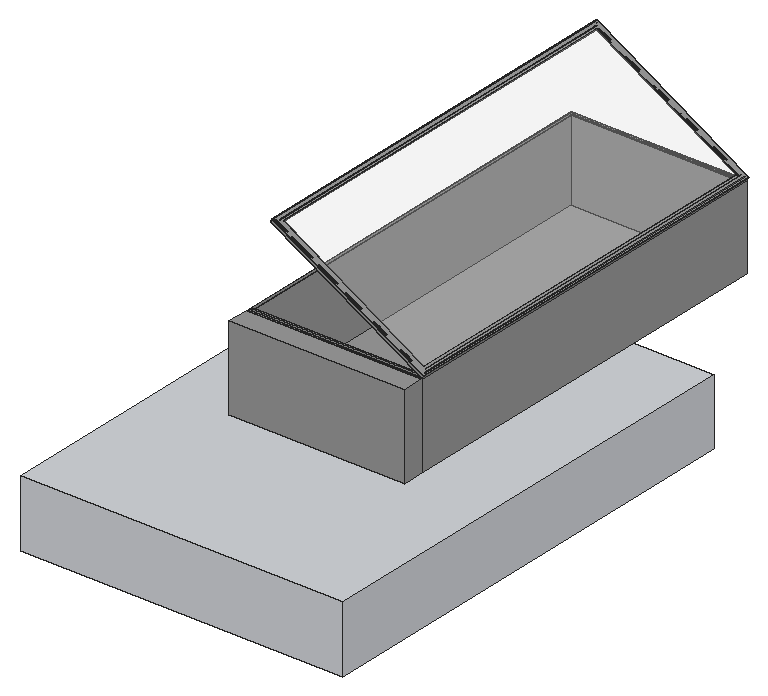
Revit family "Hager-Univers-IP55-D400-H1950-Cl.I-Steel_encl-NoHosted-DE-de", category Equipement électrique, Revit 2020
Family settings
  Hôte = Face
  Configuration du panneau = Deux colonnes, circuits au sein
  Cote de connecteur circulaire = Utiliser le diamètre
  Type d'élément = Tableau de raccordement
  Couper avec des vides une fois chargée = Non
  Partagée = Non
  Point de calcul de pièce = Non
Parameters (values of type "Bodenaufstellung IP55 B800 H1950 T400  - FR23V1")
  Width Control [instance] = if([EF000008 - Breite] > Min Width, [EF000008 - Breite], Min Width)  # 800 mm
  Commentaires du type = [HG000003 - Bereich]  # "Univers"
  Thickness Door [instance] = if([EF009171 - Materialstärke Tür/Deckel] > 3 mm, 3 mm, [EF009171 - Materialstärke Tür/Deckel])  # 1.5 mm
  Seal Frame Offset [instance] = 17 mm  # constant formula
  Plinth Visibility [instance] = [HG000027 - Sockelhöhe] > 0 mm  # yes
  Model = ""
  Min Width [instance] = 100 mm  # constant formula
  Min Height [instance] = 100 mm  # constant formula
  Min Depth [instance] = (2 * [EF009170 - Materialstärke Gehäuse]) + 1 mm  # 4 mm
  Internal Frame Depth [instance] = (Door System Depth * 0.5)  # 9 mm
  Height Control [instance] = if([EF000040 - Höhe] > Min Height, [EF000040 - Höhe], Min Height)  # 1950 mm
  HG000027 - Sockelhöhe = 100 mm
  HG000026 - Stehend auf dem Boden = yes
  HG000024 - Höhe des unteren Teils = 800 mm
  HG000023 - Gehäuse mit doppeltem Querschnitt = no
  HG000016 - 3D-Türsichtbarkeit [instance] = yes
  HG000015 - Sichtbarkeit der Türöffnung [instance] = no
  HG000014 - Tür rechts [instance] = yes
  HG000013 - Tür links [instance] = not([HG000014 - Tür rechts])  # no
  HG000012 - Türschwenkwinkel [instance] = 30.00°
  HG000010 - Asymmetrische Türen = no
  HG000009 - Doppelflügeligen Tür = no
  HG000006 - Unterputz = no
  HG000004 - Herstellerreferenz = "FR23V1"
  HG000003 - Bereich = "Univers"
  HG000002 - Mit tür = yes
  Frame Offset Bottom [instance] = 10 mm  # constant formula
  Frame Offset [instance] = 15 mm  # constant formula
  EF015940 - Deckel mit Überdruckentlastung = no
  EF011959 - Schutzart (NEMA) = ""
  EF009554 - Anzahl der Öffnungen für Flanschplatten = 6
  Fabricant = "Hager"  # constant formula
  EF009212 - Ausführung Deckel = "EV000116 - geschlossen"
  EF009171 - Materialstärke Tür/Deckel = 1.5 mm
  EF009170 - Materialstärke Gehäuse = 1.5 mm
  EF008873 - Nennstrom (In) = 800 A
  EF007800 - Geeignet für Blitzschutz = no
  EF006306 - Mit Schloss = no
  EF006244 - Transparenter Deckel/Tür = yes
  EF005474 - Schutzart (IP) = "EV006420 - IP55"
  EF004464 - Art der Tür = "EV002646 - Einzel"
  EF004427 - Anzahl der Module = 432
  EF004293 - Schlagfestigkeit = "EV008784 - IK10"
  EF003532 - Geeignet für Außengebrauch = no
  EF002950 - Breite in Teilungseinheiten = 24
  EF001613 - Funktionserhalt = "EV000494 - ohne"
  EF001596 - Werkstoff des Gehäuses = "EV000179 - Stahl"
  EF001131 - Innentiefe = 400 mm
  EF001088 - Anbaumöglichkeit = yes
  EF000437 - Anzahl der Leitungseinführungen = 6
  EF000339 - Art der Abdeckung = "EV004216 - Tür"
  EF000266 - Anzahl der Reihen = 12
  EF000218 - Einbautiefe = 0 mm
  EF000118 - Mit Montageplatte = no
  EF000116 - RAL-Nummer = "7035"
  EF000049 - Tiefe = 400 mm
  EF000040 - Höhe = 1950 mm
  EF000008 - Breite = 800 mm
  EF000007 - Farbe = "EV000270 - grau"
  EF000003 - Montageart = "EV012274 - Bodenaufstellung"
  Door System Leaf Tolerance [instance] = 1.5 mm  # constant formula
  Door System Depth [instance] = 18 mm  # constant formula
  Door Height [instance] = Height Control - [HG000027 - Sockelhöhe]  # 1850 mm
  Depth Control [instance] = if([EF000049 - Tiefe] > Min Depth, [EF000049 - Tiefe], Min Depth)  # 400 mm
  Default Elevation = 0 mm
  Connector Offset [instance] = Height Control / 2  # 975 mm
  Bottom Top Plate Trim [instance] = 1.5 mm  # constant formula
  Plinth height Ctrl [instance] = if([HG000027 - Sockelhöhe] > 0 mm, [HG000027 - Sockelhöhe], 12 mm)  # 100 mm
Types (11, lengths in mm): name | Width Control | HG000010 - Asymmetrische Türen | HG000009 - Doppelflügeligen Tür | HG000004 - Herstellerreferenz | EF009554 - Anzahl der Öffnungen für Flanschplatten | EF006244 - Transparenter Deckel/Tür | EF004464 - Art der Tür | EF004427 - Anzahl der Module | EF000437 - Anzahl der Leitungseinführungen | EF000008 - Breite
  Bodenaufstellung IP55 B1050 H1950 T400  - FR24G1 | 1050 | yes | yes | "FR24G1" | 8 | no | "EV003602 - Doppel" | 576 | 8 | 1050
  Bodenaufstellung IP55 B1050 H1950 T400  - FR24V1 | 1050 | yes | yes | "FR24V1" | 8 | yes | "EV003602 - Doppel" | 576 | 8 | 1050
  Bodenaufstellung IP55 B1300 H1950 T400  - FR25G1 | 1300 | yes | yes | "FR25G1" | 10 | no | "EV003602 - Doppel" | 720 | 10 | 1300
  Bodenaufstellung IP55 B1300 H1950 T400  - FR25V1 | 1300 | yes | yes | "FR25V1" | 10 | yes | "EV003602 - Doppel" | 720 | 10 | 1300
  Bodenaufstellung IP55 B1550 H1950 T400  - FR26G1 | 1550 | yes | yes | "FR26G1" | 12 | no | "EV003602 - Doppel" | 864 | 12 | 1550
  Bodenaufstellung IP55 B1550 H1950 T400  - FR26V1 | 1550 | yes | yes | "FR26V1" | 12 | yes | "EV003602 - Doppel" | 864 | 12 | 1550
  Bodenaufstellung IP55 B300 H1950 T400  - FR21G1 | 300 | no | no | "FR21G1" | 2 | no | "EV002646 - Einzel" | 144 | 2 | 300
  Bodenaufstellung IP55 B550 H1950 T400  - FR22G1 | 550 | no | no | "FR22G1" | 4 | no | "EV002646 - Einzel" | 288 | 4 | 550
  Bodenaufstellung IP55 B550 H1950 T400  - FR22V1 | 550 | no | no | "FR22V1" | 4 | yes | "EV002646 - Einzel" | 288 | 4 | 550
  Bodenaufstellung IP55 B800 H1950 T400  - FR23G1 | 800 | no | no | "FR23G1" | 6 | no | "EV002646 - Einzel" | 432 | 6 | 800
  Bodenaufstellung IP55 B800 H1950 T400  - FR23V1 | 800 | no | no | "FR23V1" | 6 | yes | "EV002646 - Einzel" | 432 | 6 | 800
Reference planes
  plane 1 "Center (Front/Back)": y = 0
  plane 2: z = 0
  plane 3 "Center (Left/Right)": x = 0
  plane 4: z = 400
  plane 5: y = 101.5
  plane 6: y = 1025
  plane 7: y = 100
  plane 8: y = 1950
  plane 9: z = 0
  plane 10: x = -385
  plane 11: x = 385
  plane 12: x = 383.5
  plane 13: x = -383.5
  plane 14: y = 1948.5
  plane 15: x = -383
  plane 16: x = -400
  plane 17: x = 383
  plane 18: x = 400
  plane 19: x = 398.5
  plane 20: x = -398.5
  plane 21: y = 111.5
  plane 22: y = 1950
  plane 23: y = 1933.5
  plane 24: z = 382
  plane 25: z = 1.5
  plane 26: z = 380.5
  plane 27: z = 398.5
Forms (mm)
  Extrusion 1, solid
    sketch origin (0, 0, 0) x (1, 0, 0) y (0, 1, 0)
      loop
        line (-702.964, 1305) -> (-702.964, -811.445) -> (766.763, -811.445) -> (766.763, 1305) -> (-702.964, 1305)
    from 0 to -304.8
  Extrusion 2, solid, material "Hager_Steel_RAL7035_Light_Grey", visible <- "Plinth Visibility", detail levels medium+fine
    sketch origin (0, 0, 0) x (1, 0, 0) y (0, 1, 0)
      loop
        line (-400, 0) -> (400, 0) -> (400, 100) -> (-400, 100) -> (-400, 0)
    from 0 to 382
  Extrusion 3, solid, material "Hager_Steel_RAL7035_Light_Grey", detail levels medium+fine
    sketch origin (0, 0, 0) x (1, 0, 0) y (0, 1, 0)
      loop
        line (-400, 100) -> (400, 100) -> (400, 1950) -> (-400, 1950) -> (-400, 100)
    from 0 to 382
  Extrusion 4, void
    sketch origin (0, 0, 0) x (1, 0, 0) y (0, 1, 0)
      loop
        line (-398.5, 101.5) -> (398.5, 101.5) -> (398.5, 1948.5) -> (-398.5, 1948.5) -> (-398.5, 101.5)
    from 1.5 to 380.5
  Extrusion 5, void
    sketch origin (-381.607, -4572, 382) x (0, -1, 0) y (-1, 0, 0)
      loop
        line (-4683.5, 1.893) -> (-6505.5, 1.893) -> (-6505.5, -765.107) -> (-4683.5, -765.107) -> (-4683.5, 1.893)
    from 0 to 1.5 <- "EF009170 - Materialstärke Gehäuse"
  Extrusion 6, solid, material "Hager_Steel_RAL7035_Light_Grey", detail levels fine
    sketch origin (0, 0, 382) x (1, 0, 0) y (0, 1, 0)
      loop
        line (-383.5, 1933.5) -> (-383.5, 111.5) -> (383.5, 111.5) -> (383.5, 1933.5) -> (-383.5, 1933.5)
      loop
        line (-385, 110) -> (385, 110) -> (385, 1935) -> (-385, 1935) -> (-385, 110)
    from 0 to 9 <- "Internal Frame Depth"
  Extrusion 7, solid, material "Hager_Steel_RAL7035_Light_Grey", detail levels coarse
    sketch origin (0, 0, 0) x (1, 0, 0) y (0, 1, 0)
      loop
        line (-400, 0) -> (400, 0) -> (400, 1950) -> (-400, 1950) -> (-400, 0)
    from 0 to 400
  Sweep 8, void
    path in 3D
      loop
        line (-400, 100, 0) -> (400, 100, 0) -> (400, 100, 382) -> (-400, 100, 382) -> (-400, 100, 0)
    profile origin (-400, 100, 191) x (-1, 0, 0) y (0, -1, 0)
      loop
        line (0, 0) -> (0, 1.5) -> (-1.5, 1.5)
        arc (-1.5, 1.5) -> (-1.061, 0.439) -> (0, 0) r 1.5
Cuts and joins
  Extrusion 4, Extrusion 5 cuts Extrusion 3
  Sweep 8 cuts Extrusion 2
Lines and regions (mm)
  Masking region 1
    outline origin (0, 0, 0) x (1, 0, 0) y (0, 0, 1)
      loop
        line (-400, 400) -> (-400, 0) -> (400, 0) -> (400, 400) -> (-400, 400)
  Masking region 2, detail levels medium+fine
    outline origin (0, 140, 0) x (0, 1, 0) y (0, 0, 1)
      loop
        line (-40, 0) -> (1810, 0) -> (1810, 382) -> (-40, 382) -> (-40, 0)
  Masking region 3, not visible, detail levels medium+fine
    outline origin (0, 297.922, 0) x (0, 1, 0) y (0, 0, 1)
      loop
        line (738.578, 0) -> (778.578, 0) -> (778.578, 388.5)
        arc (778.578, 388.5) -> (775.649, 395.571) -> (768.578, 398.5) r 10
        line (768.578, 398.5) -> (738.578, 398.5) -> (738.578, 0)
  Masking region 4, detail levels coarse
    outline origin (0, 0, 180) x (0, 1, 0) y (0, 0, 1)
      loop
        line (0, -180) -> (1950, -180) -> (1950, 220) -> (0, 220) -> (0, -180)
  Masking region 5, visible <- "Plinth Visibility", detail levels medium+fine
    outline origin (0, 52.24, 12.345) x (0, 0, -1) y (0, 1, 0)
      loop
        line (10.845, 47.76) -> (-368.155, 47.76)
        arc (-368.155, 47.76) -> (-368.594, 46.699) -> (-369.655, 46.26) r 1.5
        line (-369.655, 46.26) -> (-369.655, -52.24) -> (12.345, -52.24) -> (12.345, 46.26)
        arc (12.345, 46.26) -> (11.285, 46.699) -> (10.845, 47.76) r 1.5
  Masking region 6, detail levels medium+fine
    outline origin (-381.607, -4572, 382) x (-1, 0, 0) y (0, -1, 0)
      loop
        line (18.393, -6522) -> (18.393, -4672) -> (-781.607, -4672) -> (-781.607, -6522) -> (18.393, -6522)
  Masking region 7, visible <- "Plinth Visibility", detail levels medium+fine
    outline origin (-381.607, -4727, 382) x (-1, 0, 0) y (0, -1, 0)
      loop
        arc (16.893, -4827) -> (17.332, -4825.939) -> (18.393, -4825.5) r 1.5
        line (18.393, -4825.5) -> (18.393, -4727) -> (-781.607, -4727) -> (-781.607, -4825.5)
        arc (-781.607, -4825.5) -> (-780.546, -4825.939) -> (-780.107, -4827) r 1.5
        line (-780.107, -4827) -> (16.893, -4827)
  Masking region 8, detail levels coarse
    outline origin (-442.548, -4669.526, 382) x (-1, 0, 0) y (0, -1, 0)
      loop
        line (-42.548, -6619.526) -> (-42.548, -4669.526) -> (-842.548, -4669.526) -> (-842.548, -6619.526) -> (-42.548, -6619.526)
  sketch lines
    curve 1: line (-400, 100, 382) -> (-400, 100, 0)
    curve 2: line (400, 100, 382) -> (-400, 100, 382)
    curve 3: line (400, 100, 382) -> (400, 100, 0)
    curve 4: line (-400, 100, 0) -> (400, 100, 0)
Dimensions and locks
  "Depth Control": plane 4 to Extrusion 1
  "HG000027 - Sockelhöhe": plane 1 "Center (Front/Back)" to plane 7
  "EF009170 - Materialstärke Gehäuse": plane 5 to plane 7
  locked: connector elem to plane 3 "Center (Left/Right)"
  equal spacing: plane 8, plane 6, plane 7
  locked: connector elem to plane 6
  "EF009170 - Materialstärke Gehäuse": plane 8 to plane 14
  "EF009170 - Materialstärke Gehäuse": plane 10 to plane 13
  "EF009170 - Materialstärke Gehäuse": plane 12 to plane 11
  "Frame Offset": plane 20 to plane 13
  "Frame Offset": plane 12 to plane 19
  "EF009170 - Materialstärke Gehäuse": plane 16 to plane 20
  "EF009170 - Materialstärke Gehäuse": plane 19 to plane 18
  "Seal Frame Offset": plane 16 to plane 15
  "Seal Frame Offset": plane 17 to plane 18
  "Frame Offset Bottom": plane 21 to plane 5
  "Frame Offset": plane 14 to plane 23
  equal spacing: plane 16, plane 3 "Center (Left/Right)", plane 18
  "Width Control": plane 16 to plane 18
  "EF009170 - Materialstärke Gehäuse": plane 4 to plane 27
  "EF009170 - Materialstärke Gehäuse": plane 24 to plane 26
  "EF009170 - Materialstärke Gehäuse": plane 25 to level
  "Door System Depth": plane 4 to plane 24
  "Height Control": plane 1 "Center (Front/Back)" to Extrusion 7 sketch curve
  "Height Control": Masking region 4 sketch curve to plane 1 "Center (Front/Back)"
  "Height Control": plane 1 "Center (Front/Back)" to plane 22
  "Bottom Top Plate Trim": profile plane to Sweep 8 sketch curve
  "Bottom Top Plate Trim": Sweep 8 sketch curve to profile plane
  "Plinth height Ctrl": plane 1 "Center (Front/Back)" to Extrusion 2 sketch curve
  "Plinth height Ctrl": Masking region 5 sketch curve to plane 1 "Center (Front/Back)"
  "Plinth height Ctrl": plane 1 "Center (Front/Back)" to Masking region 7 sketch curve
  "Thickness Door": Extrusion 6 sketch curve to Extrusion 6 sketch curve  (x3)
  "Thickness Door": cut or joined group of Extrusion 3, Extrusion 4, Extrusion 5 to Extrusion 6 sketch curve
  radius of Masking region 3 sketch curve = 10 mm
  "Bottom Top Plate Trim": radius of Masking region 5 sketch curve  (x2)
  "Bottom Top Plate Trim": radius of Sweep 8 sketch curve
  "Bottom Top Plate Trim": radius of Masking region 7 sketch curve  (x2)
  aligned and locked: plane 2 to Extrusion 1
  aligned and locked: level to Extrusion 1
  aligned and locked: level to Masking region 1 sketch curve
  aligned and locked: Masking region 1 sketch curve to plane 18
  aligned and locked: Masking region 1 sketch curve to plane 16
  aligned and locked: plane 7 to Masking region 2 sketch curve
  aligned and locked: level to Masking region 3 sketch curve
  aligned and locked: Masking region 3 sketch curve to plane 27
  aligned and locked: level to Masking region 2 sketch curve
  aligned and locked: plane 1 "Center (Front/Back)" to Extrusion 2 sketch curve
  aligned and locked: Extrusion 3 sketch curve to plane 7
  aligned and locked: plane 16 to Extrusion 3 sketch curve
  aligned and locked: plane 18 to Extrusion 3 sketch curve
  aligned and locked: plane 20 to Extrusion 4 sketch curve
  aligned and locked: plane 19 to Extrusion 4 sketch curve
  aligned and locked: Extrusion 4 sketch curve to plane 5
  aligned and locked: Extrusion 4 to plane 25
  aligned and locked: plane 26 to Extrusion 4
  aligned and locked: plane 24 to Extrusion 3
  aligned and locked: Extrusion 5 sketch curve to plane 21
  aligned and locked: Extrusion 5 sketch curve to plane 13
  aligned and locked: Extrusion 5 sketch curve to plane 12
  aligned and locked: plane 18 to Extrusion 7 sketch curve
  aligned and locked: plane 1 "Center (Front/Back)" to Extrusion 7 sketch curve
  aligned and locked: plane 16 to Extrusion 7 sketch curve
  aligned and locked: plane 4 to Extrusion 7
  aligned and locked: Extrusion 7 to level
  aligned and locked: level to Masking region 4 sketch curve
  aligned and locked: Masking region 4 sketch curve to plane 1 "Center (Front/Back)"
  aligned and locked: Masking region 4 sketch curve to plane 4
  aligned and locked: nested 1 to level
  aligned and locked: nested 1 to plane 16
  aligned and locked: plane 8 to Extrusion 3 sketch curve
  aligned and locked: plane 23 to Extrusion 5 sketch curve
  aligned and locked: plane 14 to Extrusion 4 sketch curve
  aligned and locked: Masking region 2 sketch curve to plane 8
  aligned and locked: level to Masking region 5 sketch curve
  aligned and locked: plane 16 to Extrusion 2 sketch curve
  aligned and locked: plane 18 to Extrusion 2 sketch curve
  aligned and locked: Masking region 5 sketch curve to plane 24
  aligned and locked: Masking region 2 sketch curve to plane 24
  aligned and locked: plane 24 to Extrusion 2
  aligned and locked: profile plane to Sweep 8 sketch curve  (x2)
  aligned and locked: Masking region 6 sketch curve to plane 18
  aligned and locked: Masking region 6 sketch curve to plane 22
  aligned and locked: Masking region 6 sketch curve to plane 16
  aligned and locked: plane 8 to plane 22
  aligned and locked: Masking region 6 sketch curve to plane 7
  aligned and locked: Masking region 7 sketch curve to plane 16
  aligned and locked: Masking region 7 sketch curve to plane 1 "Center (Front/Back)"
  aligned and locked: Masking region 7 sketch curve to plane 18
  aligned and locked: Masking region 8 sketch curve to plane 1 "Center (Front/Back)"
  aligned and locked: Masking region 8 sketch curve to plane 18
  aligned and locked: Masking region 8 sketch curve to plane 22
  aligned and locked: Masking region 8 sketch curve to plane 16
  aligned and locked: nested 2 to plane 7
  aligned and locked: plane 3 "Center (Left/Right)" to nested 2
  aligned and locked: nested 2 to plane 24
  aligned and locked: Extrusion 6 sketch curve to cut or joined group of Extrusion 3, Extrusion 4, Extrusion 5  (x4)
Automatic sketch dimensions
  Extrusion 1 sketch curve to Extrusion 1 sketch curve = 1469.727 mm
  Extrusion 1 sketch curve to Extrusion 1 sketch curve = 2116.445 mm
  Masking region 1 sketch curve to plane 4 = 0 mm
  plane 6 to Masking region 3 sketch curve = 11.5 mm
  Masking region 3 sketch curve to Masking region 3 sketch curve = 30 mm
  Masking region 5 sketch curve to plane 1 "Center (Front/Back)" = 0 mm
Nested families
  nested 1: "Hager_Enclosure_Symbol" at (-400, 0, 0) x (1, 0, 0) z (0, -1, 0), Height <- "Depth Control", Width <- "Width Control", type "Hager_Enclosure_Symbol"
    with Width_Ctrl 800 mm, Width 800 mm, Height_Ctrl 400 mm, Height 400 mm, A_Width_Int 26.25 mm, A_Width 315 mm, A_Height_Ctrl 350 mm, A_Height 350 mm
  nested 2: "EC000058_Univers_Door" at (0, 100, 382) x (1, 0, 0) z (0, 1, 0), Leaf_Tolerance <- "Door System Leaf Tolerance", Angle <- "HG000012 - Türschwenkwinkel", Door_Depth <- "Door System Depth", Door_Left <- "HG000013 - Tür links", Transparent <- "EF006244 - Transparenter Deckel/Tür", Assymetrical <- "HG000010 - Asymmetrische Türen", Width <- "Width Control", Clearance <- "HG000015 - Sichtbarkeit der Türöffnung", Double <- "HG000009 - Doppelflügeligen Tür", 3d_Door <- "HG000016 - 3D-Türsichtbarkeit", Lock_Visibility <- "EF006306 - Mit Schloss", Width_Ctrl <- "Width Control", Door_Right <- "HG000014 - Tür rechts", Door <- "HG000002 - Mit tür", Height <- "Door Height", Thickness <- "Thickness Door", type "EC000058_Univers_Door", detail levels medium+fine
    with min_wh 4 mm, Width_Ctrl 800 mm, Width 800 mm, Transparent yes, Thickness 1.5 mm, Seal_Material Hager_Rubber, Lock_Visibility no, Lock_Material Hager_Plastic_RAL9005_Jet_Black, Leaf_Width 800 mm, Leaf_Tolerance_External_Sides 0 mm, Leaf_Tolerance 1.5 mm, Leaf_Offset 0 mm, Leaf_Height 1847 mm, Leaf_2_Width 800 mm, Leaf_2_Offset 400 mm, Leaf_1_Width 800 mm, Leaf_1_Offset 400 mm, Height_Ctrl 1850 mm, Height 1850 mm, Glass_Material Hager_Glass, Double_Clearance_Ctrl no, Double no, Door_Right_Ctrl yes, Door_Right yes, Door_Material Hager_Steel_RAL7035_Light_Grey, Door_Left_Ctrl no, Door_Left no, Door_Depth 18 mm, Door yes, Clearance_Material Hager_Clearance, Clearance_Depth 800 mm, Clearance_Ctrl no, Clearance no, Assymetrical no, Angle 30.00°, 3d_Door yes
Connectors
  electrical at (0, 1025, 0)
    settings: on plane 9, index 1, voltage 0 V, apparent load 0 VA, apparent load phase1 0 VA, apparent load phase2 0 VA, apparent load phase3 0 VA, power factor 1, load classification "Other", number of poles 1, system type 30, power factor state 1, is connector primary yes, connector utility no, sub classification motor no, connector description ""
Definition of nested family "EC000058_Univers_Door"
  Parameters (values of type "EC000058_Univers_Door")
    min_wh [instance] = (2 * Thickness) + 1 mm  # 11 mm
    Width_Ctrl [instance] = 400 mm
    Width [instance] = 500 mm
    Transparent [instance] = yes
    Thickness [instance] = 5 mm
    Seal_Material [instance] = none
    Lock_Visibility [instance] = yes
    Lock_Material [instance] = none
    Leaf_Width [instance] = if((Width_Ctrl - 2 * Leaf_Tolerance_External_Sides) > 0 mm, (Width_Ctrl - 2 * Leaf_Tolerance_External_Sides), min_wh)  # 400 mm
    Leaf_Tolerance_External_Sides [instance] = 0 mm  # constant formula
    Leaf_Tolerance [instance] = 1.5 mm
    Leaf_Offset [instance] = 0 mm  # constant formula
    Leaf_Height [instance] = if((Height_Ctrl - 2 * Leaf_Tolerance) > 0 mm, (Height_Ctrl - 2 * Leaf_Tolerance), min_wh)  # 497 mm
    Leaf_2_Width [instance] = if(and(and(Double, Assymetrical), Door_Left), (Leaf_Width / 3) - (Leaf_Tolerance / 2), if(and(and(Double, Assymetrical), Door_Right), (Leaf_Width / 3) * 2 - (Leaf_Tolerance / 2), if(and(Double, not(Assymetrical)), (Leaf_Width / 2) - Leaf_Tolerance, Leaf_Width)))  # 400 mm
    Leaf_2_Offset [instance] = if(and(Double, Assymetrical), Leaf_2_Width / 2, if(and(Double, not(Assymetrical)), Leaf_Width / 4, Leaf_Width / 2))  # 200 mm
    Leaf_1_Width [instance] = if(and(and(Double, Assymetrical), Door_Right), (Leaf_Width / 3) - (Leaf_Tolerance / 2), if(and(and(Double, Assymetrical), Door_Left), (Width / 3) * 2 - (Leaf_Tolerance / 2), if(and(Double, not(Assymetrical)), (Leaf_Width / 2) - Leaf_Tolerance, Leaf_Width)))  # 400 mm
    Leaf_1_Offset [instance] = if(and(Double, Assymetrical), Leaf_1_Width / 2, if(and(Double, not(Assymetrical)), Leaf_Width / 4, Leaf_Width / 2))  # 200 mm
    Height_Ctrl [instance] = if(Height > min_wh, Height, min_wh)  # 500 mm
    Height [instance] = 500 mm
    Glass_Material [instance] = none
    Double_Clearance_Ctrl [instance] = and(Double, Clearance)  # no
    Double [instance] = no
    Door_Right_Ctrl [instance] = and(or(Door_Right, Double), Door)  # yes
    Door_Right [instance] = yes
    Door_Material [instance] = none
    Door_Left_Ctrl [instance] = and(or(Door_Left, Double), Door)  # no
    Door_Left [instance] = no
    Door_Depth [instance] = 30 mm
    Door [instance] = yes
    Default Elevation = 1219.2 mm
    Clearance_Material [instance] = none
    Clearance_Depth [instance] = if(Leaf_1_Width > Leaf_2_Width, Leaf_1_Width, Leaf_2_Width)  # 400 mm
    Clearance_Ctrl [instance] = and(not(Double), Clearance)  # yes
    Clearance [instance] = yes
    Assymetrical [instance] = yes
    Angle [instance] = 30.00°
    3d_Door [instance] = yes
  Reference planes
    plane 1 "Center (Front/Back)": y = 0
    plane 2 "Bottom": z = 0
    plane 3 "Center (Left/Right)": x = 0
    plane 4: z = 500
    plane 5: x = -200
    plane 6: x = 200
    plane 7: z = 500
    plane 8: x = -200
    plane 9: z = 0
    plane 10: x = 200
    plane 11: y = 0
    plane 12: z = 1.5
    plane 13: x = -600
    plane 14: y = -400
    plane 15: x = 600
    plane 16: x = 0
    plane 17: x = 0
    plane 18: x = -200
    plane 19: x = 200
    plane 20: z = 498.5
  Forms (mm)
    Extrusion 1, solid, material <- "Clearance_Material", visible <- "Double_Clearance_Ctrl"
      sketch origin (1200, 0, 0) x (1, 0, 0) y (0, 0, -1)
        loop
          line (-1800, -498.5) -> (-600, -498.5) -> (-600, 0) -> (-1800, 0) -> (-1800, -498.5)
      from 0 to -400
  Dimensions and locks
    equal spacing: plane 5, plane 3 "Center (Left/Right)", plane 6
    "Width_Ctrl": plane 5 to plane 6
    "Leaf_Offset": plane 5 to plane 8
    "Leaf_Offset": plane 6 to plane 10
    "Leaf_Offset": plane 9 to level
    "Leaf_Offset": plane 4 to plane 7
    "Height_Ctrl": plane 4 to level
    "Leaf_Tolerance": plane 12 to plane 9
    locked: plane 11 to plane 1 "Center (Front/Back)"
    "Leaf_1_Offset": plane 18 to plane 16
    "Leaf_2_Offset": plane 17 to plane 19
    "Leaf_1_Width": plane 13 to plane 8
    "Leaf_2_Width": plane 10 to plane 15
    "Clearance_Depth": plane 14 to plane 1 "Center (Front/Back)"
    "Leaf_Tolerance_External_Sides": plane 8 to plane 18
    "Leaf_Tolerance_External_Sides": plane 19 to plane 10
    "Leaf_Tolerance": plane 7 to plane 20
    aligned and locked: level to plane 2 "Bottom"
    aligned and locked: nested 1 to plane 16
    aligned and locked: nested 2 to plane 17
    aligned and locked: Extrusion 1 to plane 13
    aligned and locked: plane 15 to Extrusion 1
    aligned and locked: Extrusion 1 to plane 14
    aligned and locked: plane 12 to nested 1
    aligned and locked: nested 2 to plane 12
    aligned and locked: Extrusion 1 to plane 11
    aligned and locked: plane 20 to Extrusion 1
    aligned and locked: nested 2 to plane 11
    aligned and locked: nested 1 to plane 11
  Automatic sketch dimensions
    Extrusion 1 sketch curve to level = 0 mm
    plane 5 to Extrusion 1 sketch curve = 400 mm
    plane 6 to Extrusion 1 sketch curve = 400 mm
    Extrusion 1 sketch curve to plane 4 = 1.5 mm
  Nested families
    nested 1: "EC000058_Univers_Door_Leaf" at (0, 0, 1.5), Width <- "Leaf_1_Width", visible <- "Door_Left_Ctrl", Leaf_Height <- "Leaf_Height", Angle <- "Angle", 3d_Door <- "3d_Door", Transparent <- "Transparent", Clearance Material <- "Clearance_Material", Clearance <- "Clearance_Ctrl", Door_Material <- "Door_Material", Glass_Material <- "Glass_Material", Door_Depth <- "Door_Depth", Lock_Material <- "Lock_Material", Seal_Material <- "Seal_Material", Lock_Visibility <- "Lock_Visibility", Thickness <- "Thickness", type "EC000058_Univers_Door_Leaf"
      with Width 400 mm, Transparent_Glass_Offset 30 mm, Transparent_Ctrl yes, Transparent yes, Thickness 5 mm, Standard no, Seal_Material none, Seal_D2 8 mm, Seal_D1 1 mm, Offset_Internal_Frame 10 mm, Lock_Width 20 mm, Lock_Visibility_3d yes, Lock_Visibility yes, Lock_Thickness_3 3 mm, Lock_Thickness_2 1 mm, Lock_Thickness_1 3 mm, Lock_Radius_Offset_2 16 mm, Lock_Radius_Offset_1 15 mm, Lock_Radius_2 5 mm, Lock_Radius 6 mm, Lock_Offset 5 mm, Lock_Material none, Lock_Height 80 mm, Lock_Cover_Top_Offset_2d 17 mm, Lock_Cover_Height -65 mm, Leaf_Height 497 mm, Internal_Seal_Thickness 8 mm, Internal_Seal_Depth_2 4.5 mm, Internal_Frame_Depth 25 mm, Glass_Thickness -1 mm, Glass_Offset -2 mm, Glass_Material none, Door_Material none, Door_Depth 30 mm, Clearance Material none, Clearance yes, Angle_Ctrl 30.00°, Angle 30.00°, 3d_Door yes
    nested 2: "EC000058_Univers_Door_Leaf" at (0, 0, 1.5) x (-1, 0, 0) z (0, 0, 1), Width <- "Leaf_2_Width", visible <- "Door_Right_Ctrl", Leaf_Height <- "Leaf_Height", Angle <- "Angle", 3d_Door <- "3d_Door", Transparent <- "Transparent", Clearance Material <- "Clearance_Material", Clearance <- "Clearance_Ctrl", Door_Material <- "Door_Material", Glass_Material <- "Glass_Material", Door_Depth <- "Door_Depth", Lock_Material <- "Lock_Material", Seal_Material <- "Seal_Material", Lock_Visibility <- "Lock_Visibility", Thickness <- "Thickness", type "EC000058_Univers_Door_Leaf"
      with Width 400 mm, Transparent_Glass_Offset 30 mm, Transparent_Ctrl yes, Transparent yes, Thickness 5 mm, Standard no, Seal_Material none, Seal_D2 8 mm, Seal_D1 1 mm, Offset_Internal_Frame 10 mm, Lock_Width 20 mm, Lock_Visibility_3d yes, Lock_Visibility yes, Lock_Thickness_3 3 mm, Lock_Thickness_2 1 mm, Lock_Thickness_1 3 mm, Lock_Radius_Offset_2 16 mm, Lock_Radius_Offset_1 15 mm, Lock_Radius_2 5 mm, Lock_Radius 6 mm, Lock_Offset 5 mm, Lock_Material none, Lock_Height 80 mm, Lock_Cover_Top_Offset_2d 17 mm, Lock_Cover_Height -65 mm, Leaf_Height 497 mm, Internal_Seal_Thickness 8 mm, Internal_Seal_Depth_2 4.5 mm, Internal_Frame_Depth 25 mm, Glass_Thickness -1 mm, Glass_Offset -2 mm, Glass_Material none, Door_Material none, Door_Depth 30 mm, Clearance Material none, Clearance yes, Angle_Ctrl 30.00°, Angle 30.00°, 3d_Door yes
  Definition of nested family "EC000058_Univers_Door_Leaf"
    Parameters (values of type "EC000058_Univers_Door_Leaf")
      Width [instance] = 2000 mm
      Transparent_Glass_Offset [instance] = 30 mm
      Transparent_Ctrl [instance] = and(Transparent, [3d_Door])  # yes
      Transparent [instance] = yes
      Thickness [instance] = 5 mm
      Standard [instance] = and(not(Transparent), [3d_Door])  # no
      Seal_Material [instance] = none
      Seal_D2 [instance] = 8 mm  # constant formula
      Seal_D1 [instance] = 1 mm  # constant formula
      Offset_Internal_Frame [instance] = 10 mm  # constant formula
      Lock_Width [instance] = 20 mm  # constant formula
      Lock_Visibility_3d [instance] = and(Lock_Visibility, [3d_Door])  # yes
      Lock_Visibility [instance] = yes
      Lock_Thickness_3 [instance] = 3 mm  # constant formula
      Lock_Thickness_2 [instance] = 1 mm  # constant formula
      Lock_Thickness_1 [instance] = 3 mm  # constant formula
      Lock_Radius_Offset_2 [instance] = Lock_Radius_Offset_1 + 1 mm  # 16 mm
      Lock_Radius_Offset_1 [instance] = 15 mm  # constant formula
      Lock_Radius_2 [instance] = Lock_Radius - 1 mm  # 5 mm
      Lock_Radius [instance] = 6 mm  # constant formula
      Lock_Offset [instance] = 5 mm  # constant formula
      Lock_Material [instance] = none
      Lock_Height [instance] = 80 mm  # constant formula
      Lock_Cover_Top_Offset_2d [instance] = Lock_Radius_Offset_2 + 1 mm  # 17 mm
      Lock_Cover_Height [instance] = -(Lock_Height - Lock_Radius_Offset_1)  # -65 mm
      Leaf_Height [instance] = 2720.336 mm
      Internal_Seal_Thickness [instance] = 8 mm  # constant formula
      Internal_Seal_Depth_2 [instance] = 4.5 mm  # constant formula
      Internal_Frame_Depth [instance] = if(Door_Depth - Thickness > 5 mm, Door_Depth - Thickness, 5 mm)  # 25 mm
      Glass_Thickness [instance] = if(Thickness > 15 mm, Glass_Offset + 10 mm, -1 mm)  # -1 mm
      Glass_Offset [instance] = if(Thickness > 15 mm, -(Thickness + 10 mm) / 2, -2 mm)  # -2 mm
      Glass_Material [instance] = none
      Door_Material [instance] = none
      Door_Depth [instance] = 30 mm
      Default Elevation = 0 mm
      Clearance Material [instance] = none
      Clearance [instance] = yes
      Angle_Ctrl [instance] = if(Angle > 180.00°, 180.00°, Angle)  # 90.00°
      Angle [instance] = 90.00°
      3d_Door [instance] = yes
    Reference planes
      plane 1 "Center (Front/Back)": y = 0
      plane 2: z = 0
      plane 3 "Center (Left/Right)": x = 0
      plane 4: y = 2000
      plane 5: x = -1000
      plane 6: x = 1000
      plane 7: x = -3000
      plane 8: z = 2720.336
      plane 9: z = 30
      plane 10: z = 2690.336
      plane 11: x = 970
      plane 12: x = -970
      plane 13: y = -3
      plane 14: z = 107.833
      plane 15: y = -5
      plane 16: y = -223.314
      plane 17: x = -1000
      plane 18: z = 1360.168
      plane 19: y = 30
    Forms (mm)
      Extrusion 1, solid, material <- "Clearance Material", visible <- "Clearance"
        sketch origin (0, 0, 0) x (1, 0, 0) y (0, 0, 1)
          loop
            line (-3000, 2720.336) -> (-3000, 0) -> (1000, 0) -> (1000, 2720.336) -> (-3000, 2720.336)
        from 0 to -2000
      Extrusion 2, solid, material <- "Door_Material", visible <- "Standard", detail levels medium+fine
        sketch origin (-1000, 0, 0) x (0, 1, 0) y (-1, 0, 0)
          loop
            line (0, 30) -> (0, 25) -> (2000, 25) -> (2000, 30) -> (0, 30)
        from 0 to 2720.336 <- "Leaf_Height"
      Extrusion 3, solid, material <- "Door_Material", visible <- "Transparent_Ctrl", detail levels medium+fine
        sketch origin (-1000, 0, 0) x (0, 1, 0) y (-1, 0, 0)
          loop
            line (0, 25) -> (2000, 25) -> (2000, 30) -> (0, 30) -> (0, 25)
        from 0 to 2720.336 <- "Leaf_Height"
      Extrusion 4, void
        sketch origin (-1025, 2000, 0) x (0, 1, 0) y (0, 0, -1)
          loop
            line (-30, -2690.336) -> (-30, -30) -> (-1970, -30) -> (-1970, -2690.336) -> (-30, -2690.336)
        from 0 to 5 <- "Thickness"
      Sweep 5, solid, material <- "Seal_Material", visible <- "Transparent_Ctrl", detail levels fine
        path in 3D
          loop
            line (-1025, 30, 30) -> (-1025, 30, 2690.336) -> (-1025, 1970, 2690.336) -> (-1025, 1970, 30) -> (-1025, 30, 30)
        profile origin (-1025, 1000, 30) x (1, 0, 0) y (0, 0, 1)
          loop
            line (0, 0) -> (0, -8) -> (1, -8) -> (1, 0) -> (0, 0)
      Extrusion 6, solid, material <- "Glass_Material", visible <- "Transparent_Ctrl", detail levels medium+fine
        sketch origin (-1030, 0, 0) x (0, 1, 0) y (0, 0, -1)
          loop
            line (1970, -2690.336) -> (1970, -30) -> (30, -30) -> (30, -2690.336) -> (1970, -2690.336)
        from -2 <- "Glass_Offset" to -1 <- "Glass_Thickness"
      Extrusion 7, solid, material <- "Door_Material", visible <- "3d_Door", detail levels medium+fine
        sketch origin (-1025, 2000, 0) x (0, -1, 0) y (0, 0, -1)
          loop
            line (0, -2720.336) -> (2000, -2720.336) -> (2000, 0) -> (0, 0) -> (0, -2720.336)
          loop
            line (1995, -5) -> (5, -5) -> (5, -2715.336) -> (1995, -2715.336) -> (1995, -5)
        from 0 to 25 <- "Internal_Frame_Depth"
      Sweep 8, solid, material <- "Seal_Material", visible <- "Transparent_Ctrl", detail levels fine
        path in 3D
          loop
            line (-1025, 0, 0) -> (-1025, 2000, 0) -> (-1025, 2000, 2720.336) -> (-1025, 0, 2720.336) -> (-1025, 0, 0)
        profile origin (-1025, 0, 1360.168) x (1, 0, 0) y (0, 1, 0)
          loop
            line (0, 10) -> (2.975, 10)
            arc (2.975, 10) -> (4.053, 10.447) -> (4.5, 11.525) r 1.525
            line (4.5, 11.525) -> (4.5, 16.527)
            arc (4.5, 16.527) -> (4.069, 17.569) -> (3.027, 18) r 1.473
            line (3.027, 18) -> (0, 18) -> (0, 10)
      Extrusion 9, solid, material <- "Lock_Material", visible <- "Lock_Visibility_3d", detail levels fine
        sketch origin (-1030, 0, 0) x (0, 1, 0) y (0, 0, -1)
          loop
            arc (1993.5, -1400.168) -> (1994.561, -1399.729) -> (1995, -1398.668) r 1.5
            line (1995, -1398.668) -> (1995, -1320.168) -> (1975, -1320.168) -> (1975, -1398.668)
            arc (1975, -1398.668) -> (1975.439, -1399.729) -> (1976.5, -1400.168) r 1.5
            line (1976.5, -1400.168) -> (1993.5, -1400.168)
        from 3 <- "Lock_Thickness_1" to 0
      Blend 10, solid, material <- "Lock_Material", visible <- "Lock_Visibility_3d", detail levels fine
        base sketch origin (-1033, 0, 0) x (0, 1, 0) y (0, 0, -1)
          loop
            line (1975, -1320.168) -> (1975, -1398.668)
            arc (1975, -1398.668) -> (1975.439, -1399.729) -> (1976.5, -1400.168) r 1.5
            line (1976.5, -1400.168) -> (1993.5, -1400.168)
            arc (1993.5, -1400.168) -> (1994.561, -1399.729) -> (1995, -1398.668) r 1.5
            line (1995, -1398.668) -> (1995, -1320.168) -> (1975, -1320.168)
        top sketch origin (-1033, 0, 0) x (0, 1, 0) y (0, 0, -1)
          loop
            line (1976, -1320.168) -> (1976, -1398.668)
            arc (1976, -1398.668) -> (1976.146, -1399.022) -> (1976.5, -1399.168) r 0.5
            line (1976.5, -1399.168) -> (1993.5, -1399.168)
            arc (1993.5, -1399.168) -> (1993.854, -1399.022) -> (1994, -1398.668) r 0.5
            line (1994, -1398.668) -> (1994, -1320.168) -> (1976, -1320.168)
        from 0 to 1 <- "Lock_Thickness_2"
      Blend 11, solid, material <- "Lock_Material", visible <- "Lock_Visibility_3d", detail levels fine
        base sketch origin (-1034, 0, 0) x (0, 1, 0) y (0, 0, -1)
          loop
            line (1978, -1320.168) -> (1978, -1384.168)
            arc (1978, -1384.168) -> (1985, -1391.168) -> (1992, -1384.168) r 7
            line (1992, -1384.168) -> (1992, -1320.168) -> (1978, -1320.168)
        top sketch origin (-1034, 0, 0) x (0, 1, 0) y (0, 0, -1)
          loop
            line (1991, -1320.168) -> (1979, -1320.168) -> (1979, -1383.168)
            arc (1979, -1383.168) -> (1985, -1389.168) -> (1991, -1383.168) r 6
            line (1991, -1383.168) -> (1991, -1320.168)
        from 0 to 3 <- "Lock_Thickness_3"
      Extrusion 12, solid, material <- "Lock_Material", visible <- "Lock_Visibility_3d", detail levels fine
        sketch origin (-1030, 1975, 1320.168) x (1, 0, 0) y (0, -1, 0)
          loop
            line (-7, -19) -> (-7, -1) -> (0, -1) -> (0, 0) -> (-8, 0) -> (-8, -20) -> (0, -20) -> (0, -19) -> (-7, -19)
        from 0 to -65 <- "Lock_Cover_Height"
      Extrusion 13, void
        sketch origin (-1038, 1995, 1320.168) x (-1, 0, 0) y (0, 0, -1)
          loop
            line (-5, -65) -> (0, -65) -> (-5, -60) -> (-5, -65)
        from 0 to 20 <- "Lock_Width"
      Extrusion 14, void
        sketch origin (-1038, 1975, 1320.168) x (0, -1, 0) y (0, 0, -1)
          loop
            circle (-10, -15.995) r 6
          loop
            circle (-10, -15.995) r 5
        from 0 to 2
      Extrusion 15, solid, material <- "Lock_Material", visible <- "Lock_Visibility_3d", detail levels medium
        sketch origin (-1030, 0, 0) x (0, 1, 0) y (0, 0, -1)
          loop
            arc (1993.5, -1400.168) -> (1994.561, -1399.729) -> (1995, -1398.668) r 1.5
            line (1995, -1398.668) -> (1995, -1320.168) -> (1975, -1320.168) -> (1975, -1398.668)
            arc (1975, -1398.668) -> (1975.439, -1399.729) -> (1976.5, -1400.168) r 1.5
            line (1976.5, -1400.168) -> (1993.5, -1400.168)
        from 8 to 0
    Cuts and joins
      Extrusion 4 cuts Extrusion 3
      Extrusion 13, Extrusion 14 cuts Extrusion 9
      Extrusion 14 cuts Blend 11
      Extrusion 13, Extrusion 14 cuts Extrusion 12
      joined: Extrusion 9, Blend 10, Blend 11, Extrusion 12
      Extrusion 14 cuts Extrusion 15
    Lines and regions (mm)
      Masking region 1, visible <- "Lock_Visibility", detail levels fine
        outline origin (0, 0, 0) x (0, 1, 0) y (0, 0, 1)
          loop
            line (30, 1320.168) -> (33, 1320.168) -> (33, 1400.168) -> (30, 1400.168) -> (30, 1320.168)
      Masking region 2, visible <- "Lock_Visibility", detail levels fine
        outline origin (0, 3.143, 0) x (0, 1, 0) y (0, 0, 1)
          loop
            line (29.857, 1354.168) -> (30.857, 1354.168) -> (30.857, 1366.168) -> (29.857, 1366.168) -> (29.857, 1354.168)
      Masking region 3, detail levels medium+fine
        outline origin (0, 0, 0) x (0, 1, 0) y (0, 0, 1)
          loop
            line (0, 0) -> (30, 0) -> (30, 2720.336) -> (0, 2720.336) -> (0, 0)
      Masking region 4, detail levels medium+fine
        outline origin (0, 0, 0) x (1, 0, 0) y (0, 0, 1)
          loop
            line (-1000, 2720.336) -> (-1000, 0) -> (1000, 0) -> (1000, 2720.336) -> (-1000, 2720.336)
      Masking region 5, visible <- "Lock_Visibility", detail levels fine
        outline origin (-47.116, 0, 0) x (1, 0, 0) y (0, 0, 1)
          loop
            arc (1024.616, 1399.168) -> (1023.556, 1398.729) -> (1023.116, 1397.668) r 1.5
            line (1023.116, 1397.668) -> (1023.116, 1320.168) -> (1041.116, 1320.168) -> (1041.116, 1397.668)
            arc (1041.116, 1397.668) -> (1040.677, 1398.729) -> (1039.616, 1399.168) r 1.5
            line (1039.616, 1399.168) -> (1024.616, 1399.168)
      Masking region 6, visible <- "Lock_Visibility", detail levels medium+fine
        outline origin (-25, 0, 0) x (1, 0, 0) y (0, 0, 1)
          loop
            arc (1001.5, 1400.168) -> (1000.439, 1399.729) -> (1000, 1398.668) r 1.5
            line (1000, 1398.668) -> (1000, 1320.168) -> (1020, 1320.168) -> (1020, 1398.668)
            arc (1020, 1398.668) -> (1019.561, 1399.729) -> (1018.5, 1400.168) r 1.5
            line (1018.5, 1400.168) -> (1001.5, 1400.168)
      Masking region 7, visible <- "Lock_Visibility", detail levels fine
        outline origin (-73.735, 0, 0) x (1, 0, 0) y (0, 0, 1)
          loop
            line (1051.735, 1382.168) -> (1065.735, 1382.168) -> (1065.735, 1384.168)
            arc (1065.735, 1384.168) -> (1058.735, 1391.168) -> (1051.735, 1384.168) r 7
            line (1051.735, 1384.168) -> (1051.735, 1382.168)
      Masking region 8, visible <- "Lock_Visibility", detail levels fine
        outline origin (-73.735, 0, 0) x (1, 0, 0) y (0, 0, 1)
          loop
            line (1052.735, 1382.168) -> (1064.735, 1382.168) -> (1064.735, 1383.168)
            arc (1064.735, 1383.168) -> (1058.735, 1389.168) -> (1052.735, 1383.168) r 6
            line (1052.735, 1383.168) -> (1052.735, 1382.168)
      Masking region 9, visible <- "Lock_Visibility", detail levels fine
        outline origin (-25, 0, 0) x (1, 0, 0) y (0, 0, 1)
          loop
            line (1020, 1320.168) -> (1020, 1382.168) -> (1000, 1382.168) -> (1000, 1320.168) -> (1020, 1320.168)
      Masking region 10, detail levels medium+fine
        outline origin (0, 0, 0) x (1, 0, 0) y (0, 0, 1)
          loop
            circle (985, 1335.144) r 6
      Masking region 11, detail levels fine
        outline origin (0, 0, 0) x (1, 0, 0) y (0, 0, 1)
          loop
            circle (985, 1335.144) r 5
      Masking region 12, visible <- "Lock_Visibility", detail levels fine
        outline origin (0, 12.767, 0) x (0, 1, 0) y (0, 0, 1)
          loop
            line (20.233, 1320.168) -> (21.233, 1320.168) -> (21.233, 1399.168) -> (20.233, 1400.168) -> (20.233, 1320.168)
      Masking region 13, visible <- "Lock_Visibility", detail levels fine
        outline origin (0, 13.767, -10) x (0, 1, 0) y (0, 0, 1)
          loop
            line (20.233, 1330.168) -> (23.233, 1330.168) -> (23.233, 1399.168) -> (20.233, 1402.168) -> (20.233, 1330.168)
      Masking region 14, visible <- "Lock_Visibility", detail levels fine
        outline origin (0, 12.767, -10) x (0, 1, 0) y (0, 0, 1)
          loop
            line (20.233, 1330.168) -> (25.233, 1330.168) -> (25.233, 1399.305) -> (20.233, 1394.305) -> (20.233, 1330.168)
      Masking region 15, visible <- "Lock_Visibility", detail levels medium
        outline origin (0, 0, 0) x (0, 1, 0) y (0, 0, 1)
          loop
            line (30, 1320.168) -> (38, 1320.168) -> (38, 1400.168) -> (30, 1400.168) -> (30, 1320.168)
      Masking region 16, visible <- "Lock_Visibility", detail levels fine
        outline origin (-1000, 0, 0) x (0, 1, 0) y (-1, 0, 0)
          loop
            line (1975, 30) -> (1995, 30) -> (1995, 38) -> (1975, 38) -> (1975, 30)
          loop
            line (1979, 37) -> (1976, 37) -> (1976, 34) -> (1978, 34) -> (1979, 37)
          loop
            line (1994, 37) -> (1991, 37) -> (1992, 34) -> (1994, 34) -> (1994, 37)
      Masking region 17, visible <- "Lock_Visibility", detail levels medium
        outline origin (-1000, 0, 0) x (0, 1, 0) y (-1, 0, 0)
          loop
            line (1975, 30) -> (1995, 30) -> (1995, 38) -> (1975, 38) -> (1975, 30)
      symbolic lines
        curve 1: line (1000, 0, 0) -> (-3000, 0, 0)
        curve 2: arc (1000, 0, 0) -> (-1000, 2000, 0) -> (-3000, 0, 0) r 2000
        curve 4: line (-1030, 0, 0) -> (-1030, 2000, 0)
      reference lines
        curve 3: line (-1000, 0, 0) -> (-1000, 2000, 0)
      symbolic lines, detail levels medium+fine
        curve 5: line (-1030, 2000, 0) -> (-1025, 2000, 0)
        curve 7: line (-1025, 0, 0) -> (-1030, 0, 0)
        curve 8: line (-1025, 0, 0) -> (-1000, 0, 0)
        curve 9: line (-1000, 0, 0) -> (-1000, 2000, 0)
        curve 10: line (-1000, 2000, 0) -> (-1025, 2000, 0)
      symbolic lines, detail levels fine
        curve 6: line (-1025, 2000, 0) -> (-1025, 0, 0)
      sketch lines
        curve 11: line (-1025, 0, 2720.336) -> (-1025, 0, 0)
        curve 12: line (-1025, 2000, 0) -> (-1025, 0, 0)
        curve 13: line (-1025, 2000, 2720.336) -> (-1025, 2000, 0)
        curve 14: line (-1025, 0, 2720.336) -> (-1025, 2000, 2720.336)
        curve 15: line (-1025, 1970, 30) -> (-1025, 30, 30)
        curve 16: line (-1025, 30, 30) -> (-1025, 30, 2690.336)
        curve 17: line (-1025, 1970, 2690.336) -> (-1025, 1970, 30)
        curve 18: line (-1025, 30, 2690.336) -> (-1025, 1970, 2690.336)
      symbolic lines, visible <- "Transparent", detail levels medium+fine
        curve 19: line (-970, 0, 2690.336) -> (970, 0, 2690.336)
        curve 20: line (-970, 0, 30) -> (-970, 0, 2690.336)
        curve 21: line (970, 0, 30) -> (-970, 0, 30)
        curve 22: line (970, 0, 2690.336) -> (970, 0, 30)
    Dimensions and locks
      "Width": plane 1 "Center (Front/Back)" to plane 4
      equal spacing: plane 5, plane 3 "Center (Left/Right)", plane 6
      "Width": plane 5 to plane 6
      "Width": plane 7 to plane 5
      "Leaf_Height": plane 8 to level
      "Width": curve 5 to curve 3
      "Width": curve 3 to curve 3
      plane 8 to plane 10 = 30 mm
      plane 9 to level = 30 mm
      plane 12 to plane 5 = 30 mm
      plane 6 to plane 11 = 30 mm
      Extrusion 1 to Extrusion 4 sketch curve = 30 mm
      "Transparent_Glass_Offset": curve 3 to Extrusion 4 sketch curve
      "Transparent_Glass_Offset": Extrusion 4 sketch curve to cut or joined group of Extrusion 3, Extrusion 4  (x2)
      cut or joined group of Extrusion 3, Extrusion 4 to Extrusion 6 sketch curve = 30 mm
      "Transparent_Glass_Offset": cut or joined group of Extrusion 3, Extrusion 4 to Extrusion 4 sketch curve
      "Thickness": curve 6 to curve 4
      "Thickness": Extrusion 7 sketch curve to Extrusion 7 sketch curve  (x4)
      "Door_Depth": curve 4 to curve 3
      "Offset_Internal_Frame": profile plane to Sweep 8 sketch curve
      "Internal_Seal_Thickness": Sweep 8 sketch curve to Sweep 8 sketch curve
      "Internal_Seal_Depth_2": profile plane to Sweep 8 sketch curve
      "Seal_D1": profile plane to Sweep 5 sketch curve
      "Seal_D2": profile plane to Sweep 5 sketch curve
      "Thickness": Extrusion 2 sketch curve to Extrusion 2 sketch curve
      equal spacing: Extrusion 9 sketch curve, plane 18, Extrusion 9 sketch curve  (x2)
      equal spacing: Masking region 1 sketch curve, plane 18, Masking region 1 sketch curve
      "Lock_Height": Masking region 1 sketch curve to Masking region 1 sketch curve
      "Lock_Radius": Masking region 2 sketch curve to plane 18 to Masking region 2 sketch curve
      Masking region 2 sketch curve to Masking region 1 = 1 mm
      "Door_Depth": plane 19 to plane 1 "Center (Front/Back)"
      "Lock_Thickness_1": Masking region 1 sketch curve to plane 19
      "Lock_Width": Extrusion 9 sketch curve to Extrusion 9 sketch curve
      "Lock_Height": Extrusion 9 sketch curve to Extrusion 9 sketch curve
      "Lock_Offset": cut or joined group of Extrusion 3, Extrusion 4 to Extrusion 9 sketch curve
      equal spacing: plane 8, plane 18, level
      "Lock_Radius_Offset_1": Blend 11 sketch curve to Blend 10
      locked: Blend 10 to Blend 11 sketch curve at 2  (x2)
      locked: var sketch to Blend 11 sketch curve at 1  (x2)
      "Lock_Radius_Offset_2": Blend 11 sketch curve to Blend 10
      locked: Extrusion 12 sketch curve to Extrusion 12 sketch curve at 1  (x3)
      Masking region 6 sketch curve to Masking region 6 sketch curve = 80 mm
      "Lock_Height": Masking region 6 sketch curve to Masking region 6 sketch curve
      "Lock_Width": Masking region 6 sketch curve to Masking region 6 sketch curve
      locked: Masking region 6 to Masking region 5 sketch curve at 1  (x3)
      locked: Masking region 5 to Masking region 7 sketch curve at 2  (x2)
      "Lock_Radius_Offset_1": Masking region 5 to Masking region 7 sketch curve
      "Lock_Radius_Offset_2": Masking region 5 to Masking region 8 sketch curve
      locked: Masking region 7 to Masking region 8 sketch curve at 1  (x2)
      "Lock_Cover_Top_Offset_2d": Masking region 5 to Masking region 9 sketch curve
      equal spacing: Masking region 9, Masking region 10 sketch curve, Masking region 9
      equal spacing: Masking region 9, Masking region 11 sketch curve, Masking region 9
      Extrusion 15 sketch curve to Extrusion 15 sketch curve = 80 mm
      "Lock_Width": Extrusion 15 sketch curve to Extrusion 15 sketch curve
      "Lock_Height": Extrusion 15 sketch curve to Extrusion 15 sketch curve
      equal spacing: Extrusion 15 sketch curve, plane 18, Extrusion 15 sketch curve
      "Lock_Thickness_3": Masking region 13 sketch curve to Masking region 13 sketch curve
      "Lock_Height": Masking region 12 sketch curve to Masking region 12 sketch curve
      locked: Masking region 13 sketch curve to Masking region 1 at 8
      locked: Masking region 14 sketch curve to Masking region 13 at 1
      locked: Masking region 14 sketch curve to Masking region 1 at 10.863
      "Lock_Height": Masking region 15 sketch curve to Masking region 15 sketch curve
      "Lock_Offset": Extrusion 15 sketch curve to cut or joined group of Extrusion 3, Extrusion 4
      "Lock_Offset": plane 6 to Masking region 6 sketch curve
      radius of Sweep 8 sketch curve = 1.525 mm
      radius of Sweep 8 sketch curve = 1.473 mm
      radius of Extrusion 9 sketch curve = 1.5 mm  (x2)
      "Lock_Radius": radius of Extrusion 14 sketch curve
      "Lock_Radius_2": radius of Extrusion 14 sketch curve
      "Lock_Radius": radius of Masking region 10 sketch curve
      "Lock_Radius_2": radius of Masking region 11 sketch curve
      radius of Extrusion 15 sketch curve = 1.5 mm  (x2)
      "Angle_Ctrl": angle plane 1 "Center (Front/Back)" to curve 3
      locked: Masking region 12 sketch curve to Masking region 12 sketch curve (angle 45.00°)
      locked: Masking region 13 sketch curve to Masking region 13 sketch curve (angle 45.00°)
      locked: Masking region 14 sketch curve to Masking region 14 sketch curve (angle 45.00°)
      aligned and locked: level to plane 2
      aligned and locked: Extrusion 1 to curve 1
      aligned and locked: plane 6 to Extrusion 1
      aligned and locked: Extrusion 1 to plane 1 "Center (Front/Back)"
      aligned and locked: plane 4 to Extrusion 1
      aligned and locked: plane 8 to Extrusion 1
      aligned and locked: curve 7 to Extrusion 2 sketch curve
      aligned and locked: curve 5 to Extrusion 2 sketch curve
      aligned and locked: curve 7 to Extrusion 3 sketch curve
      aligned and locked: Extrusion 3 sketch curve to curve 4
      aligned and locked: Extrusion 3 sketch curve to curve 6
      aligned and locked: Extrusion 3 sketch curve to curve 5
      aligned and locked: curve 9 to curve 3
      aligned and locked: Extrusion 7 sketch curve to cut or joined group of Extrusion 3, Extrusion 4  (x4)
      aligned and locked: plane 17 to curve 3
      aligned and locked: plane 1 "Center (Front/Back)" to curve 3
      aligned and locked: plane 17 to plane 5
      aligned and locked: Sweep 8 sketch curve to profile plane
      aligned and locked: Sweep 5 sketch curve to profile plane  (x2)
      aligned and locked: Masking region 1 to Masking region 2 sketch curve
      aligned and locked: plane 19 to Masking region 1 sketch curve
      aligned and locked: plane 1 "Center (Front/Back)" to Masking region 3 sketch curve
      aligned and locked: plane 19 to Masking region 3 sketch curve
      aligned and locked: level to Masking region 3 sketch curve
      aligned and locked: Masking region 3 sketch curve to plane 8
      aligned and locked: plane 17 to Masking region 4 sketch curve
      aligned and locked: level to Masking region 4 sketch curve
      aligned and locked: Masking region 4 sketch curve to plane 8
      aligned and locked: plane 12 to curve 20
      aligned and locked: plane 10 to curve 19
      aligned and locked: plane 11 to curve 22
      aligned and locked: curve 21 to plane 9
      aligned and locked: Extrusion 2 sketch curve to cut or joined group of Extrusion 3, Extrusion 4
      aligned and locked: Blend 10 sketch curve to Extrusion 9  (x4)
      aligned and locked: Extrusion 9 to Blend 10 sketch curve
      aligned and locked: Blend 10 to Blend 11 sketch curve
      aligned and locked: Extrusion 12 sketch curve to Blend 11
      aligned and locked: Extrusion 12 sketch curve to Extrusion 9  (x4)
      aligned and locked: Masking region 5 sketch curve to Masking region 6
      aligned and locked: Masking region 9 sketch curve to Masking region 6  (x3)
      aligned and locked: Masking region 12 sketch curve to Masking region 1
      aligned and locked: Masking region 13 sketch curve to Masking region 1
      aligned and locked: Masking region 12 to Masking region 14
      aligned and locked: Masking region 14 sketch curve to Masking region 1
      aligned and locked: Masking region 15 sketch curve to Masking region 14
      aligned and locked: Masking region 13 sketch curve to Masking region 12
      aligned and locked: Masking region 16 sketch curve to cut or joined group of Extrusion 14, Extrusion 15  (x4)
      aligned and locked: Masking region 16 sketch curve to cut or joined group of Extrusion 9, Blend 10, Blend 11, Extrusion 12, Extrusion 13, Extrusion 14  (x6)
      aligned and locked: cut or joined group of Extrusion 9, Blend 10, Blend 11, Extrusion 12, Extrusion 13, Extrusion 14 to Masking region 16 sketch curve
      aligned and locked: Masking region 17 sketch curve to cut or joined group of Extrusion 14, Extrusion 15  (x3)
      aligned and locked: Masking region 17 sketch curve to cut or joined group of Extrusion 9, Blend 10, Blend 11, Extrusion 12, Extrusion 13, Extrusion 14
      aligned and locked: Masking region 9 to Masking region 8 sketch curve
      aligned and locked: Masking region 9 to Masking region 7 sketch curve
    Automatic sketch dimensions
      plane 1 "Center (Front/Back)" to curve 2 = 0 mm
      curve 2 to plane 5 = 0 mm
      Extrusion 1 sketch curve to level = 0 mm
      Extrusion 1 sketch curve to plane 7 = 0 mm
      Extrusion 1 sketch curve to plane 6 = 0 mm
      Extrusion 1 sketch curve to plane 8 = 0 mm
      Extrusion 3 to Extrusion 6 sketch curve = 30 mm  (x4)
      Masking region 4 sketch curve to plane 6 = 0 mm
      Blend 10 sketch curve to Extrusion 9 = 1.5 mm
      Blend 10 sketch curve to Extrusion 9 = 1 mm
      Extrusion 13 sketch curve to Extrusion 12 = 0 mm  (x2)
      Extrusion 12 to Extrusion 13 sketch curve = 3 mm
      Extrusion 13 sketch curve to Extrusion 12 = 5 mm
      Extrusion 14 sketch curve to Extrusion 14 sketch curve = 0 mm  (x2)
      Extrusion 14 sketch curve to Extrusion 12 = 10 mm
      Extrusion 14 sketch curve to Extrusion 12 = 15.995 mm
      Masking region 5 sketch curve to Masking region 5 sketch curve = 1.5 mm  (x2)
      Masking region 10 sketch curve to plane 18 = 25.024 mm
      Masking region 11 sketch curve to plane 18 = 25.024 mm
      plane 19 to Masking region 14 sketch curve = 3 mm
      Masking region 16 sketch curve to Masking region 16 sketch curve = 3 mm
      curve 4 to curve 3 = 0 mm
      Blend 10 to Blend 11 sketch curve = 0 mm
      Masking region 6 sketch curve to Masking region 6 sketch curve = 1.5 mm  (x2)
      Masking region 6 sketch curve to plane 18 = 40 mm
      plane 19 to Masking region 12 sketch curve = 3 mm
      Masking region 12 sketch curve to Masking region 12 sketch curve = 1 mm
      Masking region 15 sketch curve to plane 19 = 0 mm
      Masking region 15 sketch curve to plane 18 = 40 mm
      radius of Blend 10 sketch curve to Extrusion 9 = 1 mm
Definition of nested family "Hager_Enclosure_Symbol"
  Parameters (values of type "Hager_Enclosure_Symbol")
    Width_Ctrl [instance] = if(Width > 1 mm, Width, 1 mm)  # 102.27 mm
    Width [instance] = 102.27 mm
    Height_Ctrl [instance] = if(Height > 1 mm, Height, 1 mm)  # 66.5 mm
    A_Width_Int [instance] = if(A_Width / 12 > 2 mm, A_Width / 12, 2 mm)  # 4.364 mm
    A_Width [instance] = if(A_Height_Ctrl * 0.9 > 2 mm, A_Height_Ctrl * 0.9, 2 mm)  # 52.369 mm
    A_Height_Ctrl [instance] = if(A_Height > 2 mm, A_Height, 2 mm)  # 58.188 mm
    Height [instance] = 66.5 mm
    A_Height [instance] = Height - (Height / 8)  # 58.188 mm
  Reference planes
    plane 1 "Centre (avant/arrière)": y = 0
    plane 2: z = 0
    plane 3 "Centre (gauche/droite)": x = 0
    plane 4: x = 52.369
    plane 5: y = 33.042
    plane 6: y = 41.77
    plane 7: y = 66.5
    plane 8: x = 26.184
    plane 9: y = 37.406
    plane 10: x = 102.27
    plane 11: y = 66.5
    plane 12: y = 8.313
  Lines and regions (mm)
    Filled region 1, type "Solid_Black", in view "Niveau de réf."
      outline origin (0, 0, 0) x (1, 0, 0) y (0, 1, 0)
        loop
          line (52.369, 66.5) -> (33.188, 54.536) -> (45.365, 45.006) -> (52.369, 66.5)
    Filled region 2, type "Solid_Black", in view "Niveau de réf."
      outline origin (0, 0, 0) x (1, 0, 0) y (0, 1, 0)
        loop
          line (0, 0) -> (102.27, 0) -> (102.27, 66.5) -> (0, 0)
    detail lines, in view "Niveau de réf."
      curve 1: line (0, 8.313, 0) -> (26.184, 41.77, 0)
      curve 2: line (26.184, 41.77, 0) -> (26.184, 33.042, 0)
      curve 3: line (26.184, 33.042, 0) -> (52.369, 66.5, 0)
  Dimensions and locks
    "A_Width": plane 3 "Centre (gauche/droite)" to plane 4
    equal spacing: plane 3 "Centre (gauche/droite)", plane 8, plane 4
    equal spacing: plane 6, plane 9, plane 5
    equal spacing: curve 3, Filled region 1 sketch curve, Filled region 1 sketch curve
    "Height_Ctrl": plane 1 "Centre (avant/arrière)" to plane 11
    "A_Height_Ctrl": plane 11 to plane 12
    equal spacing: plane 11, plane 9, plane 12
    "A_Width_Int": plane 6 to plane 9
    "Width_Ctrl": plane 3 "Centre (gauche/droite)" to plane 10
    angle Filled region 1 sketch curve to curve 3 = 20.00°
    angle curve 3 to Filled region 1 sketch curve = 20.00°
    locked: curve 3 to Filled region 1 sketch curve (angle 90.00°)
    aligned and locked: plane 10 to Filled region 2
    aligned and locked: plane 11 to Filled region 2 sketch curve
    aligned and locked: plane 10 to Filled region 2 sketch curve
    aligned and locked: plane 3 "Centre (gauche/droite)" to curve 1
    aligned and locked: plane 12 to curve 1
    aligned and locked: plane 7 to plane 11
  Automatic sketch dimensions
    Filled region 1 sketch curve to plane 4 = 0 mm
    Filled region 1 sketch curve to plane 7 = 0 mm
    plane 1 "Centre (avant/arrière)" to Filled region 2 sketch curve = 0 mm
    Filled region 2 sketch curve to plane 3 "Centre (gauche/droite)" = 0 mm
    curve 2 to plane 6 = 0 mm
    curve 2 to plane 8 = 0 mm
    curve 3 to plane 4 = 0 mm
    curve 2 to plane 5 = 0 mm
    curve 3 to plane 7 = 0 mm
